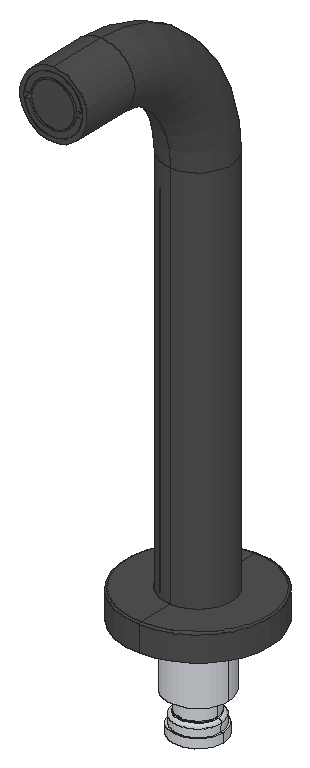
Revit family "Reece_Tap_Sussex_Scala_Curved_Bath Outlet_25 mm", category Plumbing Fixtures, host Face, Revit 2018
Family settings
  Host = Face
  Round Connector Dimension = Use Diameter
  Part Type = Normal
  Cut with Voids When Loaded = No
  Shared = Yes
  Room Calculation Point = Yes
Parameters (values of type "200 mm_Matte Black")
  URL = "https://www.reece.com.au/product/-2263345"
  Type Comments = "Tap"
  Reece_Product_Web Page = "https://www.reece.com.au/product/-2263345"
  Reece_Product_Type = "Tap"  # constant formula
  Reece_Product_Sub Brand = "Scala"  # constant formula
  Reece_Product_Number = "2263345"
  Reece_Product_Mount = "Wall Mounted"
  WFU = 0  # constant formula
  Reece_Tap_Reach = 200 mm
  Reece_Tap_Inlet = 15 mm  # constant formula
  Reece_Tap_Clearance = 67 mm  # constant formula
  Reece_Product_Description = "Sussex Scala 25mm Curved Bath Outlet 200mm Matte Black"
  Reece_Product_Brand = "Sussex"  # constant formula
  Reece_Detail_Type = "Bath Outlet"  # constant formula
  Reece_Detail_Disclaimer = "THIS FILE IS THE PROPERTY OF THE REECE GROUP. IT MAY NOT BE REPRODUCED, REVERSE-ENGINEERED OR MODIFIED. ANY REPUBLICATION, TRANSMISSION OR DISTRIBUTION FOR THE PURPOSE OF COMMERCIALLY EXPLOITING THE FILES IS PROHIBITED."  # constant formula
  Reece_Backplate_Thickness = 5 mm  # constant formula
  Reece_Overall_Length = Reece_Tap_Reach + 12.5 mm  # 212.5 mm
  Reece_Material_Main = Reece_Brass_Matte Black
  Reece_Detail_Shape = "Curved"  # constant formula
  Reece_Baseplate_Void Cut Radius = 20 mm  # constant formula
  Model = "Scala"
  Manufacturer = "Sussex"
  Keynote = "Product #2263345, Reece_Tap_Sussex_Scala_Curved_Bath Outlet_25 mm - 200 mm_Matte Black"
  HWFU = 0  # constant formula
  Disclaimer = "THIS FILE IS THE PROPERTY OF THE REECE GROUP. IT MAY NOT BE REPRODUCED, REVERSE-ENGINEERED OR MODIFIED. ANY REPUBLICATION, TRANSMISSION OR DISTRIBUTION FOR THE PURPOSE OF COMMERCIALLY EXPLOITING THE FILES IS PROHIBITED."  # constant formula
  Description = "Scala 25mm Curved Bath Outlet 200mm Matte Black"
  Default Elevation = 1000 mm
  CWFU = 0  # constant formula
Types (17, lengths in mm): name | URL | Reece_Product_Web Page | Reece_Product_Number | Reece_Tap_Reach | Reece_Product_Description | Reece_Overall_Length | Reece_Material_Main | Keynote | Description
  160 mm_Chrome | "https://www.reece.com.au/product/-2263080" | "https://www.reece.com.au/product/-2263080" | "2263080" | 160 | "Sussex Scala 25mm Curved Bath Outlet 160mm Chrome" | 172.5 | Reece_Brass_Chrome | "Product #2263080, Reece_Tap_Sussex_Scala_Curved_Bath Outlet_25 mm - 160 mm_Chrome" | "Scala 25mm Curved Bath Outlet 160mm Chrome"
  160 mm_PVD Brushed Platinum Gold | "https://www.reece.com.au/product/-2268326" | "https://www.reece.com.au/product/-2268326" | "2268326" | 160 | "Sussex Scala 25mm Curved Bath Outlet 160mm LUX PVD Brushed Platinum Gold" | 172.5 | Reece_PVD_Brushed_Platinum Gold | "Product #2268326, Reece_Tap_Sussex_Scala_Curved_Bath Outlet_25 mm - 160 mm_PVD Brushed Platinum Gold" | "Scala 25mm Curved Bath Outlet 160mm LUX PVD Brushed Platinum Gold"
  250 mm_Chrome | "https://www.reece.com.au/product/-2263082" | "https://www.reece.com.au/product/-2263082" | "2263082" | 250 | "Sussex Scala 25mm Curved Bath Outlet 250mm Chrome" | 262.5 | Reece_Brass_Chrome | "Product #2263082, Reece_Tap_Sussex_Scala_Curved_Bath Outlet_25 mm - 250 mm_Chrome" | "Scala 25mm Curved Bath Outlet 250mm Chrome"
  250 mm_PVD Brushed Platinum Gold | "https://www.reece.com.au/product/-2268328" | "https://www.reece.com.au/product/-2268328" | "2268328" | 250 | "Sussex Scala 25mm Curved Bath Outlet 250mm LUX PVD Brushed Platinum Gold" | 262.5 | Reece_PVD_Brushed_Platinum Gold | "Product #2268328, Reece_Tap_Sussex_Scala_Curved_Bath Outlet_25 mm - 250 mm_PVD Brushed Platinum Gold" | "Scala 25mm Curved Bath Outlet 250mm LUX PVD Brushed Platinum Gold"
  200 mm_Chrome | "https://www.reece.com.au/product/-2263081" | "https://www.reece.com.au/product/-2263081" | "2263081" | 200 | "Sussex Scala 25mm Curved Bath Outlet 200mm Chrome" | 212.5 | Reece_Brass_Chrome | "Product #2263081, Reece_Tap_Sussex_Scala_Curved_Bath Outlet_25 mm - 200 mm_Chrome" | "Scala 25mm Curved Bath Outlet 200mm Chrome"
  200 mm_PVD Brushed Platinum Gold | "https://www.reece.com.au/product/-2268327" | "https://www.reece.com.au/product/-2268327" | "2268327" | 200 | "Sussex Scala 25mm Curved Bath Outlet 200mm LUX PVD Brushed Platinum Gold" | 212.5 | Reece_PVD_Brushed_Platinum Gold | "Product #2268327, Reece_Tap_Sussex_Scala_Curved_Bath Outlet_25 mm - 200 mm_PVD Brushed Platinum Gold" | "Scala 25mm Curved Bath Outlet 200mm LUX PVD Brushed Platinum Gold"
  160 mm_Satin Chrome | "https://www.reece.com.au/product/-2263083" | "https://www.reece.com.au/product/-2263083" | "2263083" | 160 | "Sussex Scala 25mm Curved Bath Outlet 160mm Satin Chrome" | 172.5 | Reece_Metal_Chrome_Satin | "Product #2263083, Reece_Tap_Sussex_Scala_Curved_Bath Outlet_25 mm - 160 mm_Satin Chrome" | "Scala 25mm Curved Bath Outlet 160mm Satin Chrome"
  200 mm_Matte Black | "https://www.reece.com.au/product/-2263345" | "https://www.reece.com.au/product/-2263345" | "2263345" | 200 | "Sussex Scala 25mm Curved Bath Outlet 200mm Matte Black" | 212.5 | Reece_Brass_Matte Black | "Product #2263345, Reece_Tap_Sussex_Scala_Curved_Bath Outlet_25 mm - 200 mm_Matte Black" | "Scala 25mm Curved Bath Outlet 200mm Matte Black"
  200 mm_Satin Chrome | "https://www.reece.com.au/product/-2263084" | "https://www.reece.com.au/product/-2263084" | "2263084" | 200 | "Sussex Scala 25mm Curved Bath Outlet 200mm Satin Chrome" | 212.5 | Reece_Metal_Chrome_Satin | "Product #2263084, Reece_Tap_Sussex_Scala_Curved_Bath Outlet_25 mm - 200 mm_Satin Chrome" | "Scala 25mm Curved Bath Outlet 200mm Satin Chrome"
  250 mm_Satin Chrome | "https://www.reece.com.au/product/-2263085" | "https://www.reece.com.au/product/-2263085" | "2263085" | 250 | "Sussex Scala 25mm Curved Bath Outlet 250mm Satin Chrome" | 262.5 | Reece_Brass_Satin Chrome | "Product #2263085, Reece_Tap_Sussex_Scala_Curved_Bath Outlet_25 mm - 250 mm_Satin Chrome" | "Scala 25mm Curved Bath Outlet 250mm Satin Chrome"
  160 mm_Brushed Stainless Steel | "https://www.reece.com.au/product/-2284794" | "https://www.reece.com.au/product/-2284794" | "2284794" | 160 | "Sussex Scala 25mm Curved Bath Outlet 160mm 316 Stainless Steel" | 172.5 | Reece_Metal_Brushed Stainless Steel | "Product #2284794, Reece_Tap_Sussex_Scala_Curved_Bath Outlet_25 mm - 160 mm_Brushed Stainless Steel" | "Scala 25mm Curved Bath Outlet 160mm 316 Stainless Steel"
  160 mm_Matte Black | "https://www.reece.com.au/product/-2263344" | "https://www.reece.com.au/product/-2263344" | "2263344" | 160 | "Sussex Scala 25mm Curved Bath Outlet 160mm Matte Black" | 172.5 | Reece_Brass_Matte Black | "Product #2263344, Reece_Tap_Sussex_Scala_Curved_Bath Outlet_25 mm - 160 mm_Matte Black" | "Scala 25mm Curved Bath Outlet 160mm Matte Black"
  200 mm_Brushed Stainless Steel | "https://www.reece.com.au/product/-2284795" | "https://www.reece.com.au/product/-2284795" | "2284795" | 200 | "Sussex Scala 25mm Curved Bath Outlet 200mm 316 Stainless Steel" | 212.5 | Reece_Metal_Brushed Stainless Steel | "Product #2284795, Reece_Tap_Sussex_Scala_Curved_Bath Outlet_25 mm - 200 mm_Brushed Stainless Steel" | "Scala 25mm Curved Bath Outlet 200mm 316 Stainless Steel"
  200 mm_Brushed Brass Gold | "https://www.reece.com.au/product/-2223771" | "https://www.reece.com.au/product/-2223771" | "2223771" | 200 | "Sussex Scala 25mm Curved Bath Outlet 200mm Brushed Brass Gold" | 212.5 | Reece_Metal_Brushed_Gold | "Product #2223771, Reece_Tap_Sussex_Scala_Curved_Bath Outlet_25 mm - 200 mm_Brushed Brass Gold" | "Scala 25mm Curved Bath Outlet 200mm Brushed Brass Gold"
  250 mm_Brushed Stainless Steel | "https://www.reece.com.au/product/-2284796" | "https://www.reece.com.au/product/-2284796" | "2284796" | 250 | "Sussex Scala 25mm Curved Bath Outlet 250mm 316 Stainless Steel" | 262.5 | Reece_Metal_Brushed Stainless Steel | "Product #2284796, Reece_Tap_Sussex_Scala_Curved_Bath Outlet_25 mm - 250 mm_Brushed Stainless Steel" | "Scala 25mm Curved Bath Outlet 250mm 316 Stainless Steel"
  250 mm_Brushed Nickel | "https://www.reece.com.au/product/-2264588" | "https://www.reece.com.au/product/-2264588" | "2264588" | 250 | "Sussex Scala 25mm Curved Bath Outlet 250mm Brushed Nickel" | 262.5 | Reece_Brass_Brushed Nickel | "Product #2264588, Reece_Tap_Sussex_Scala_Curved_Bath Outlet_25 mm - 250 mm_Brushed Nickel" | "Scala 25mm Curved Bath Outlet 250mm Brushed Nickel"
  250 mm_Matte Black | "https://www.reece.com.au/product/-2263346" | "https://www.reece.com.au/product/-2263346" | "2263346" | 250 | "Sussex Scala 25mm Curved Bath Outlet 250mm Matte Black" | 262.5 | Reece_Brass_Matte Black | "Product #2263346, Reece_Tap_Sussex_Scala_Curved_Bath Outlet_25 mm - 250 mm_Matte Black" | "Scala 25mm Curved Bath Outlet 250mm Matte Black"
Reference planes
  plane 1 "Center (Front/Back)": y = 0
  plane 2: z = 0
  plane 3 "Center (Left/Right)": x = 0
  plane 4: z = 200
  plane 5: y = -67
  plane 6: z = 212.5
  plane 7: x = -12.5
  plane 8: x = 12.5
Forms (mm)
  Revolve 1, void
    sketch origin (0, 0, 39.453) x (0, 1, 0) y (0, 0, 1)
      loop
        line (-20, -39.453) -> (-20, -79.453) -> (0, -79.453) -> (0, -39.453) -> (-20, -39.453)
      axis (0, -39.453) -> (0, -79.453)
    angle from 0 to 360
  Revolve 2, solid
    sketch origin (128.901, 0, 1219.2) x (1, 0, 0) y (0, 0, 1)
      loop
        line (-130.291, -1261.136) -> (-128.901, -1261.136) -> (-128.901, -1219.2) -> (-140.374, -1219.2) -> (-140.374, -1242.939) -> (-136.181, -1242.939) -> (-136.181, -1249.636) -> (-135.615, -1250.202) -> (-136.415, -1250.202)
        arc (-136.415, -1250.202) -> (-137.255, -1250.55) -> (-137.603, -1251.39) r 1.188
        line (-137.603, -1251.39) -> (-137.603, -1254.152) -> (-138.403, -1254.152) -> (-138.403, -1257.398) -> (-132.464, -1257.398) -> (-130.291, -1261.136)
      axis (-128.901, -1219.2) -> (-128.901, -1261.136)
    angle from 0 to 360
Text (mm)
  text "Reece Copyright © 2018, Reece Ltd." at (-223.674, -291.866, 0), in view "Ref. Level"
  text "Reece ©" at (-7.653, 198.338, 183.77), in view "Reece Preview"
Dimensions and locks
  "Reece_Tap_Reach": plane 4 to host face
  "Reece_Baseplate_Void Cut Radius": Revolve 1 sketch curve to Revolve 1 sketch curve
  "Reece_Overall_Length": plane 6 to plane 2
  "Reece_Tap_Clearance": plane 1 "Center (Front/Back)" to plane 5
  plane 7 to plane 8 = 25 mm  (x2)
  level to plane 4 = 200 mm
  plane 4 to level = 200 mm
  plane 5 to plane 1 "Center (Front/Back)" = 67 mm
  aligned and locked: host face to plane 2
  aligned and locked: level to host face
  aligned and locked: Revolve 1 sketch curve to Revolve 1 sketch curve
  aligned and locked: plane 3 "Center (Left/Right)" to nested 1
  aligned and locked: plane 1 "Center (Front/Back)" to nested 1
Automatic sketch dimensions
  host sketch curve to host sketch curve = 481.758 mm
  host sketch curve to host sketch curve = 479.681 mm
  Revolve 2 sketch curve to level = 0 mm
  Revolve 2 sketch curve to plane 3 "Center (Left/Right)" = 0 mm
  plane 3 "Center (Left/Right)" to Revolve 2 sketch curve = 0 mm
  Revolve 2 sketch curve to plane 3 "Center (Left/Right)" = 1.39 mm
  Revolve 2 sketch curve to plane 3 "Center (Left/Right)" = 3.563 mm
  Revolve 2 sketch curve to plane 7 = 5.786 mm
  Revolve 2 sketch curve to Revolve 2 sketch curve = 0.566 mm  (x2)
  Revolve 2 sketch curve to Revolve 2 sketch curve = 0.8 mm  (x2)
  Revolve 2 sketch curve to Revolve 2 sketch curve = 1.188 mm
  Revolve 2 sketch curve to plane 7 = 1.027 mm
  Revolve 2 sketch curve to level = 23.739 mm
  Revolve 2 sketch curve to Revolve 2 sketch curve = 6.697 mm
  Revolve 2 sketch curve to Revolve 2 sketch curve = 2.762 mm
  Revolve 2 sketch curve to Revolve 2 sketch curve = 3.246 mm
  Revolve 2 sketch curve to Revolve 2 sketch curve = 3.739 mm
  Revolve 2 sketch curve to Revolve 2 sketch curve = 0.681 mm
  level to Revolve 2 sketch curve = 8.93 mm
  Revolve 1 sketch curve to level = 0 mm
  Revolve 1 sketch curve to plane 1 "Center (Front/Back)" = 0 mm
  Revolve 1 sketch curve to Revolve 1 sketch curve = 40 mm
  Revolve 1 sketch curve to Revolve 1 sketch curve = 261.356 mm
  plane 6 to Revolve 1 sketch curve = 1631.607 mm
Nested families
  nested 1: "Reece_Tap_Sussex_Scala_Curved_25 mm_Nested" at (0, 0, 0), Reece_Tap_Clearance <- "Reece_Tap_Clearance", Reece_Tap_Reach <- "Reece_Tap_Reach", Reece_Material_Main <- "Reece_Material_Main", type "Reece_Tap_Sussex_Scala_Curved_25 mm_Nested"
    with Reece_Tap_Reach 200 mm, Reece_Tap_Clearance 67 mm, Reece_Overall_Length 212.5 mm, Reece_Material_Main Reece_Brass_Matte Black, Reece_Backplate_Thickness 5 mm
Connectors
  piping at (0, 0, -38.198), diameter 15, driven by "Reece_Tap_Inlet"
    settings: on Revolve 2, index 1, connector inside diameter 609.6 mm, connector length 0 mm, flow factor 0, pipe flow 0.0 L/s, pressure drop 0.0 Pa, fitting loss kfactor 0, connector angle 0.00°, fixture units 0, engagement length 0 mm, angle of deflection 0.00°, flow configuration 0, flow direction 1, fitting loss method 0, system type 29, joint type 0, gender type 0, connector reference index -1, connector utility 0, adjustable connector no, is connector primary yes, connector description ""
Definition of nested family "Reece_Tap_Sussex_Scala_Curved_25 mm_Nested"
  Parameters (values of type "Reece_Tap_Sussex_Scala_Curved_25 mm_Nested")
    Waste Connection = no
    WFU = 0
    Vent Connection = no
    URL = ""
    Type Comments = ""
    Reece_Tap_Reach [instance] = 250 mm
    Reece_Tap_Clearance [instance] = 67 mm
    Reece_Overall_Length [instance] = Reece_Tap_Reach + 12.5 mm  # 262.5 mm
    Reece_Material_Main [instance] = none
    Reece_Backplate_Thickness [instance] = 5 mm
    Model = ""
    Manufacturer = ""
    Keynote = ""
    HWFU = 0
    HW Connection = no
    Description = ""
    Default Elevation = 1000 mm
    Cost = 0
    CWFU = 0
    CW Connection = no
    Assembly Code = ""
  Reference planes
    plane 1 "Center (Front/Back)": y = 0
    plane 2 "Bottom": z = 0
    plane 3 "Center (Left/Right)": x = 0
    plane 4: z = 250
    plane 5: y = -67
    plane 6: z = 262.5
    plane 7: y = 60
    plane 8: x = -27
    plane 9: x = 27
    plane 10: x = -12.5
    plane 11: x = 12.5
    plane 12: y = -30
    plane 13: z = 5
  Forms (mm)
    Extrusion 1, solid
      sketch origin (609.2, -664.2, 0) x (1, 0, 0) y (0, 1, 0)
        loop
          line (-752.93, 779.2) -> (-752.93, 516.941) -> (-456.669, 516.941) -> (-456.669, 779.2) -> (-752.93, 779.2)
      from 0 to -9.564
    Revolve 2, solid, material <- "Reece_Material_Main"
      sketch origin (0, 0, 0) x (0, 1, 0) y (0, 0, 1)
        loop
          line (0, 0) -> (0, 8.917) -> (-12.8, 8.917) -> (-12.8, 10) -> (-26.4, 10)
          arc (-26.4, 10) -> (-26.824, 9.824) -> (-27, 9.4) r 0.6
          line (-27, 9.4) -> (-27, 0) -> (0, 0)
        axis (0, 10) -> (0, 0)
      angle from 0 to 360
    Sweep 3, solid, material <- "Reece_Material_Main"
      path origin (0, 0, 0) x (0, 1, 0) y (0, 0, 1)
        loop
          line (0, 8.917) -> (0, 205)
          arc (0, 205) -> (-13.18, 236.82) -> (-45, 250) r 45
          line (-45, 250) -> (-67, 250)
      profile origin (0, 0, 106.959) x (0, -1, 0) y (1, 0, 0)
        loop
          circle (0, 0) r 12.5
        loop
          circle (0, 0) r 10.9
    Extrusion 4, solid, material <- "Reece_Material_Main"
      sketch origin (0, 0, 0) x (1, 0, 0) y (0, 0, 1)
        loop
          circle (0, 250) r 7.879
        loop
          line (-10.621, 251) -> (-8.61, 251)
          arc (-8.61, 251) -> (0, 258.668) -> (8.61, 251) r 8.668
          line (8.61, 251) -> (10.621, 251)
          arc (10.621, 251) -> (0, 260.668) -> (-10.621, 251) r 10.668
        loop
          arc (-10.621, 249) -> (0, 239.332) -> (10.621, 249) r 10.668
          line (10.621, 249) -> (8.61, 249)
          arc (8.61, 249) -> (0, 241.332) -> (-8.61, 249) r 8.668
          line (-8.61, 249) -> (-10.621, 249)
      from 64.455 to 67
    Extrusion 5, solid, material <- "Reece_Material_Main"
      sketch origin (0, 0, 0) x (1, 0, 0) y (0, 0, 1)
        loop
          circle (0, 250) r 10.668
      from 62.863 to 64.455
  Cuts and joins
    joined: Revolve 2, Extrusion 4, Extrusion 5
  Text (mm)
    text "Reece Copyright © 2018, Reece Ltd." at (-168.326, -191.773, 0), in view "Ref. Level"
    text "Reece ©" at (44.384, 258.95, 192.345), in view "Reece Preview"
  Dimensions and locks
    "Reece_Tap_Reach": plane 4 to plane 2 "Bottom"
    "Reece_Overall_Length": plane 6 to plane 2 "Bottom"
    "Reece_Tap_Clearance": plane 1 "Center (Front/Back)" to plane 5
    plane 8 to plane 9 = 54 mm
    plane 6 to plane 4 = 12.5 mm
    plane 10 to plane 11 = 25 mm
    plane 5 to plane 1 "Center (Front/Back)" = 67 mm
    plane 1 "Center (Front/Back)" to plane 12 = 30 mm
    "Reece_Backplate_Thickness": plane 13 to plane 2 "Bottom"
    aligned and locked: plane 2 "Bottom" to Extrusion 1
    aligned and locked: level to Extrusion 1
    aligned and locked: plane 1 "Center (Front/Back)" to Sweep 3 sketch curve
    aligned and locked: Sweep 3 sketch curve to plane 4
  Automatic sketch dimensions
    Extrusion 1 sketch curve to Extrusion 1 sketch curve = 296.261 mm
    Extrusion 1 sketch curve to Extrusion 1 sketch curve = 262.259 mm
    level to Revolve 2 sketch curve = 0 mm
    Revolve 2 sketch curve to plane 1 "Center (Front/Back)" = 0 mm  (x2)
    plane 1 "Center (Front/Back)" to Revolve 2 sketch curve = 12.8 mm
    Revolve 2 sketch curve to Revolve 2 sketch curve = 13.6 mm
    Revolve 2 sketch curve to Revolve 2 sketch curve = 0.6 mm
    level to Revolve 2 sketch curve = 8.917 mm
    Revolve 2 sketch curve to Revolve 2 sketch curve = 9.4 mm
    Revolve 2 sketch curve to level = 12.434 mm
    Revolve 2 sketch curve to Revolve 2 sketch curve = 2.566 mm
    Sweep 3 sketch curve to plane 5 = 0 mm
    Sweep 3 sketch curve to Sweep 3 sketch curve = 22 mm
    level to Sweep 3 sketch curve = 8.917 mm
    Sweep 3 sketch curve to Sweep 3 sketch curve = 0 mm  (x2)
    Sweep 3 sketch curve to plane 3 "Center (Left/Right)" = 0 mm
    Sweep 3 sketch curve to profile plane = 0 mm
    Extrusion 4 sketch curve to Extrusion 4 sketch curve = 0 mm  (x23)
    Extrusion 4 sketch curve to plane 3 "Center (Left/Right)" = 0 mm
    Extrusion 4 sketch curve to plane 4 = 0 mm
    Extrusion 4 sketch curve to plane 4 = 1 mm  (x2)
    Extrusion 4 sketch curve to plane 10 = 3.89 mm
    Extrusion 4 sketch curve to plane 10 = 1.879 mm
    Extrusion 4 sketch curve to plane 11 = 1.879 mm
    plane 4 to Extrusion 4 sketch curve = 1 mm  (x2)
    Extrusion 5 sketch curve to plane 3 "Center (Left/Right)" = 0 mm
    Extrusion 5 sketch curve to plane 4 = 0 mm
    radius of Sweep 3 sketch curve = 12.5 mm
    radius of Sweep 3 sketch curve = 10.9 mm
    radius of Extrusion 4 sketch curve = 7.879 mm
    radius of Extrusion 5 sketch curve = 10.668 mm
